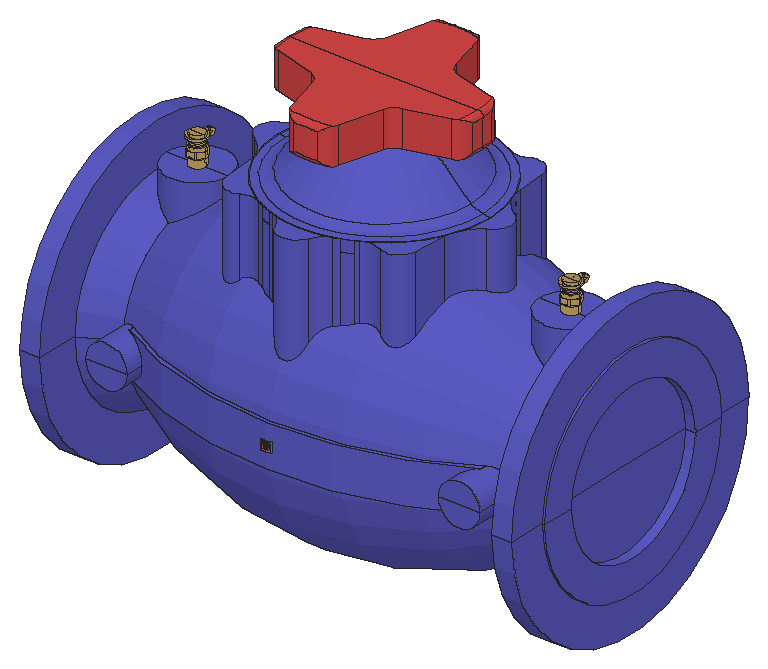
Revit family "HERZ Strömax Commissioning Valve With Test points, Straight Body 4218 GMF", category Rohrzubehör, Revit 2018
Family settings
  Bemaßung runder Anschluss = Durchmesser verwenden
  Teiletyp = Unterbricht
  OmniClass-Nummer = 23.65.55.14
  OmniClass-Titel = Valves for Liquid Services
  Arbeitsebenenbasiert = Nein
  Immer vertikal = Ja
  Beim Laden mit Abzugskörper schneiden = Nein
  Gemeinsam genutzt = Nein
Parameters
  kvs-value [instance] = if(Nennweite = 25.00 mm, 11.53, if(Nennweite = 32.00 mm, 16.6, if(Nennweite = 40.00 mm, 28.6, if(Nennweite = 50.00 mm, 37.84, if(Nennweite = 65.00 mm, 60.3, if(Nennweite = 80.00 mm, 67.8, if(Nennweite = 100.00 mm, 99.55, if(Nennweite = 125.00 mm, 186.58, if(Nennweite = 150.00 mm, 279.05, 0)))))))))  # 279.05
  W02 = 60.00°  # constant formula
  W01 [instance] = if(Nennweite = 25.00 mm, 10.00°, if(Nennweite = 32.00 mm, 10.00°, if(Nennweite = 40.00 mm, 15.00°, if(Nennweite = 50.00 mm, 10.00°, if(Nennweite = 65.00 mm, 25.00°, if(Nennweite = 80.00 mm, 25.00°, 0.80°))))))  # 0.80°
  Upper part (up to DN100) = "brass"  # constant formula
  Upper part (from DN125) = "grey cast iron"  # constant formula
  URL = "www.herzvalves.com"
  SCRNSEQ = "ARM;ARM_TYP=\"STRV\";2"
  SCRNCODE = "05;07;02"  # constant formula
  S01 [instance] = Nennweite + 10.00 mm  # 160.00 mm
  R02 [instance] = size_lookup("4218_GMF_", "R2", 1.00 mm, Nennweite)  # 30.00 mm
  R01 [instance] = size_lookup("4218_GMF_", "R1", 1.00 mm, Nennweite)  # 20.00 mm
  Part number [instance] = size_lookup("4218_GMF_", "Artnr", 0, Nennweite)  # 1421851
  O-Ring = "EPDM"  # constant formula
  Nennweite [instance] = 150.00 mm
  Model = "The STRÖMAX GMF commissioning valve with measuring valve, straight body DN 25 - 150:\r\nBody of grey cast iron GJL 250 according to EN 1561, flange according to EN 1092, PN 16;\r\nlength according to ÖNORM EN-558-1, basic series 1; painted blue.\r\nThermostatic upper part of brass to DN 100; from DN 125 thermstatic upper part of grey cast iron.\r\nDigital display of the pre-setting levels.\r\nNon-rising spindle with double O-ring seal."
  Medium = "Water purity in accordance with the ÖNORM H 5195 and VDI 2035 standards.\r\nEthylene and propylene glycol can be used in a ratio of 25-50 vol. [%] are mixed."
  Max. operating pressure = 1600000.0 Pa  # constant formula
  Max. operating temperature (up to DN32) = 130 °C  # constant formula
  Max. operating temperature (from DN40) = 110 °C  # constant formula
  L03 [instance] = size_lookup("4218_GMF_", "L3", 1.00 mm, Nennweite)  # 180.00 mm
  L02 [instance] = size_lookup("4218_GMF_", "L2", 1.00 mm, Nennweite)  # 170.00 mm
  L01 [instance] = size_lookup("4218_GMF_", "L1", 1.00 mm, Nennweite)  # 185.00 mm
  L00 [instance] = size_lookup("4218_GMF_", "L", 1.00 mm, Nennweite)  # 480.00 mm
  Hersteller = "HERZ Armaturen Ges.m.b.H."  # constant formula
  H08 [instance] = H02 + H04  # 238.50 mm
  H07 = 10.00 mm  # constant formula
  H06 [instance] = size_lookup("4218_GMF_", "H6", 1.00 mm, Nennweite)  # 56.00 mm
  H05 [instance] = size_lookup("4218_GMF_", "H5", 1.00 mm, Nennweite)  # 11.00 mm
  H04 [instance] = size_lookup("4218_GMF_", "H4", 1.00 mm, Nennweite)  # 78.50 mm
  H03 [instance] = size_lookup("4218_GMF_", "H3", 1.00 mm, Nennweite)  # 118.00 mm
  H02N [instance] = H02 + 11.00 mm  # 171.00 mm
  H02 [instance] = size_lookup("4218_GMF_", "H2", 1.00 mm, Nennweite)  # 160.00 mm
  H01 [instance] = size_lookup("4218_GMF_", "H1", 1.00 mm, Nennweite)  # 122.00 mm
  GT = 10.00 mm  # constant formula
  Field of application = "For hydraulic balancing in heating or cooling systems, regulating and shutting off distribution circuits, heat ex-changers, heating and cooling terminals."
  FLL02 [instance] = size_lookup("4218_GMF_", "FLL2", 1.00 mm, Nennweite)  # 19.00 mm
  FLL01 [instance] = size_lookup("4218_GMF_", "FLL1", 1.00 mm, Nennweite)  # 3.00 mm
  FLD03 [instance] = size_lookup("4218_GMF_", "FLD3", 1.00 mm, Nennweite)  # 84.20 mm
  FLD02 [instance] = size_lookup("4218_GMF_", "FLD2", 1.00 mm, Nennweite)  # 101.00 mm
  FLD01 [instance] = size_lookup("4218_GMF_", "FLD1", 1.00 mm, Nennweite)  # 106.00 mm
  FLD00 [instance] = size_lookup("4218_GMF_", "FLD", 1.00 mm, Nennweite)  # 142.50 mm
  Differential pressure measurement = "The STRÖMAX GMF double regulating and commissioning valve is equipped with two test points:\r\nIf a suitable measuring device is used, the differential pressure can be measured and the respective flow rate can be determined depending on the setting level.\r\nThe respective flow rate can also be read directly on the HERZ measuring computer (see device manual)."
  DN80 [instance] = Nennweite = 80.00 mm  # no
  DN65 [instance] = Nennweite = 65.00 mm  # no
  DN50-DN80 [instance] = or(Nennweite = 50.00 mm, Nennweite = 65.00 mm, Nennweite = 80.00 mm)  # no
  DN50 [instance] = Nennweite = 50.00 mm  # no
  DN40 [instance] = Nennweite = 40.00 mm  # no
  DN32 [instance] = Nennweite = 32.00 mm  # no
  DN25-DN40 [instance] = or(Nennweite = 25.00 mm, Nennweite = 32.00 mm, Nennweite = 40.00 mm)  # no
  DN25 [instance] = Nennweite = 25.00 mm  # no
  DN150 [instance] = Nennweite = 150.00 mm  # yes
  DN125 [instance] = Nennweite = 125.00 mm  # no
  DN100-DN125 [instance] = or(Nennweite = 100.00 mm, Nennweite = 125.00 mm, Nennweite = 150.00 mm)  # yes
  DN100 [instance] = Nennweite = 100.00 mm  # no
  D04 [instance] = size_lookup("4218_GMF_", "D4", 1.00 mm, Nennweite)  # 15.00 mm
  D03 [instance] = size_lookup("4218_GMF_", "D3", 1.00 mm, Nennweite)  # 16.00 mm
  D02 [instance] = size_lookup("4218_GMF_", "D2", 1.00 mm, Nennweite)  # 17.00 mm
  D01 [instance] = size_lookup("4218_GMF_", "D1", 1.00 mm, Nennweite)  # 102.50 mm
  D00 [instance] = size_lookup("4218_GMF_", "D", 1.00 mm, Nennweite)  # 140.00 mm
  Body = "grey cast iron GJL 250 according to EN 1561"  # constant formula
  BH02 [instance] = -BH01  # -20.00 mm
  BH01 [instance] = if(Nennweite = 25.00 mm, 12.00 mm, if(Nennweite = 32.00 mm, 12.50 mm, if(Nennweite = 40.00 mm, 12.50 mm, if(Nennweite = 50.00 mm, 12.50 mm, if(Nennweite = 65.00 mm, 15.00 mm, if(Nennweite = 80.00 mm, 16.00 mm, if(Nennweite = 100.00 mm, 17.50 mm, if(Nennweite = 125.00 mm, 17.50 mm, if(Nennweite = 150.00 mm, 20.00 mm, 1.00 mm)))))))))  # 20.00 mm
  Anschluss [instance] = Nennweite / 2  # 75.00 mm
Reference planes
  plane 1 "Mitte (Vorne/hinten)": y = 0
  plane 2: z = 0
  plane 3 "Mitte (Links/rechts)": x = 0
Forms (mm)
  Revolve 1, solid, material "Herz-Marineblau", detail levels fine
    sketch origin (1058.943, 0, 0) x (1, 0, 0) y (0, 1, 0)
      loop
        line (-1295.943, 142.5) -> (-1295.943, 106) -> (-1298.943, 106) -> (-1298.943, 75) -> (-1288.943, 75) -> (-1288.943, 0) -> (-828.943, 0) -> (-828.943, 75) -> (-818.943, 75) -> (-818.943, 106) -> (-821.943, 106) -> (-821.943, 142.5) -> (-840.943, 142.5) -> (-840.943, 101) -> (-873.943, 84.2)
        arc (-873.943, 84.2) -> (-1058.943, 140) -> (-1243.943, 84.2) r 334.576
        line (-1243.943, 84.2) -> (-1276.943, 101) -> (-1276.943, 142.5) -> (-1295.943, 142.5)
      axis (-1298.943, 0) -> (-818.943, 0)
    angle from 0 to 360
  Revolve 2, solid, material "Herz-Marineblau", detail levels fine
    sketch origin (0, 0, 0) x (1, 0, 0) y (0, 1, 0)
      loop
        line (-170, 122) -> (-190, 122) -> (-190, -122) -> (-170, -122) -> (-170, 122)
      axis (-170, 122) -> (-170, -122)
    angle from 0 to 360
  Revolve 3, solid, material "Herz-Marineblau", detail levels fine
    sketch origin (0, 0, 0) x (-1, 0, 0) y (0, 1, 0)
      loop
        line (-170, 122) -> (-190, 122) -> (-190, -122) -> (-170, -122) -> (-170, 122)
      axis (-170, 122) -> (-170, -122)
    angle from 0 to 360
  Revolve 4, solid, material "Herz-Marineblau", detail levels fine
    sketch origin (0, 0, 0) x (1, 0, 0) y (0, 0, 1)
      loop
        line (0, 0) -> (0, 160) -> (-102.5, 160) -> (-102.5, 0) -> (0, 0)
      axis (0, 160) -> (0, 0)
    angle from 0 to 360
  Revolve 5, solid, material "Herz-Marineblau", detail levels fine
    sketch origin (0, 0, 0) x (1, 0, 0) y (0, 0, 1)
      loop
        line (-178.413, 4.322) -> (-148.416, 4.741) -> (-150.003, 118.419) -> (-180, 118) -> (-178.413, 4.322)
      axis (-180, 118) -> (-178.413, 4.322)
    angle from 0 to 360
  Revolve 6, solid, material "Herz-Marineblau", detail levels fine
    sketch origin (0, 0, 0) x (-1, 0, 0) y (0, 0, 1)
      loop
        line (-178.413, 4.322) -> (-148.416, 4.741) -> (-150.003, 118.419) -> (-180, 118) -> (-178.413, 4.322)
      axis (-180, 118) -> (-178.413, 4.322)
    angle from 0 to 360
  Extrusion 7, solid, material "Herz-Marineblau", visible <- "DN25", detail levels fine
    sketch origin (0, 0, 0) x (1, 0, 0) y (0, 1, 0)
      loop
        line (-40, 18.232) -> (-40, -18.232)
        arc (-40, -18.232) -> (0, -31) -> (40, -18.232) r 69.038
        line (40, -18.232) -> (40, 18.232)
        arc (40, 18.232) -> (0, 31) -> (-40, 18.232) r 69.038
    from -20 <- "BH02" to 20 <- "BH01"
  Extrusion 8, solid, material "Herz-Marineblau", visible <- "DN32", detail levels fine
    sketch origin (0, 0, 0) x (1, 0, 0) y (0, 1, 0)
      loop
        line (-50, 21.35) -> (-50, -21.35)
        arc (-50, -21.35) -> (0, -37) -> (50, -21.35) r 87.698
        line (50, -21.35) -> (50, 21.35)
        arc (50, 21.35) -> (0, 37) -> (-50, 21.35) r 87.698
    from -20 <- "BH02" to 20 <- "BH01"
  Extrusion 9, solid, material "Herz-Marineblau", visible <- "DN40", detail levels fine
    sketch origin (0, 0, 0) x (1, 0, 0) y (0, 1, 0)
      loop
        arc (-60, -22.89) -> (0, -39) -> (60, -22.89) r 119.787
        line (60, -22.89) -> (60, 22.89)
        arc (60, 22.89) -> (0, 39) -> (-60, 22.89) r 119.787
        line (-60, 22.89) -> (-60, -22.89)
    from -20 <- "BH02" to 20 <- "BH01"
  Extrusion 10, solid, material "Herz-Marineblau", visible <- "DN50", detail levels fine
    sketch origin (0, 0, 0) x (1, 0, 0) y (0, 1, 0)
      loop
        line (70, -31.244) -> (70, 31.244)
        arc (70, 31.244) -> (0, 44) -> (-70, 31.244) r 198.442
        line (-70, 31.244) -> (-70, -31.244)
        arc (-70, -31.244) -> (0, -44) -> (70, -31.244) r 198.442
    from -20 <- "BH02" to 20 <- "BH01"
  Extrusion 11, solid, material "Herz-Marineblau", visible <- "DN65", detail levels fine
    sketch origin (0, 0, 0) x (1, 0, 0) y (0, 1, 0)
      loop
        line (-89, 42.065) -> (-89, -42.065)
        arc (-89, -42.065) -> (0, -53) -> (89, -42.065) r 367.662
        line (89, -42.065) -> (89, 42.065)
        arc (89, 42.065) -> (0, 53) -> (-89, 42.065) r 367.662
    from -20 <- "BH02" to 20 <- "BH01"
  Extrusion 12, solid, material "Herz-Marineblau", visible <- "DN80", detail levels fine
    sketch origin (0, 0, 0) x (1, 0, 0) y (0, 1, 0)
      loop
        arc (-100, -47.474) -> (0, -56.538) -> (100, -47.474) r 556.156
        line (100, -47.474) -> (100, 47.474)
        arc (100, 47.474) -> (0, 56.538) -> (-100, 47.474) r 556.156
        line (-100, 47.474) -> (-100, -47.474)
    from -20 <- "BH02" to 20 <- "BH01"
  Extrusion 13, solid, material "Herz-Marineblau", visible <- "DN100", detail levels fine
    sketch origin (0, 0, 0) x (1, 0, 0) y (0, 1, 0)
      loop
        line (-118, 61.457) -> (-118, -61.457)
        arc (-118, -61.457) -> (0, -84.506) -> (118, -61.457) r 313.571
        line (118, -61.457) -> (118, 61.457)
        arc (118, 61.457) -> (0, 84.506) -> (-118, 61.457) r 313.571
    from -20 <- "BH02" to 20 <- "BH01"
  Extrusion 14, solid, material "Herz-Marineblau", visible <- "DN125", detail levels fine
    sketch origin (0, 0, 0) x (1, 0, 0) y (0, 1, 0)
      loop
        line (-140, 76.087) -> (-140, -76.087)
        arc (-140, -76.087) -> (0, -121.009) -> (140, -76.087) r 240.621
        line (140, -76.087) -> (140, 76.087)
        arc (140, 76.087) -> (0, 121.009) -> (-140, 76.087) r 240.621
    from -20 <- "BH02" to 20 <- "BH01"
  Extrusion 15, solid, material "Herz-Marineblau", visible <- "DN150", detail levels fine
    sketch origin (0, 0, 0) x (1, 0, 0) y (0, 1, 0)
      loop
        arc (-170, -95.905) -> (0, -141.967) -> (170, -95.905) r 336.739
        line (170, -95.905) -> (170, 95.905)
        arc (170, 95.905) -> (0, 141.967) -> (-170, 95.905) r 336.739
        line (-170, 95.905) -> (-170, -95.905)
    from -20 <- "BH02" to 20 <- "BH01"
  Extrusion 16, solid, material "Herz-Marineblau", visible <- "DN125", detail levels fine
    sketch origin (0, 0, 0) x (1, 0, 0) y (0, 1, 0)
      loop
        arc (15.676, 98.149) -> (0, 109.5) -> (-15.676, 98.149) r 16.5
        arc (-15.676, 98.149) -> (-20.502, 90.282) -> (-28.346, 85.419) r 20
        arc (-28.346, 85.419) -> (-34.369, 83.168) -> (-40.215, 80.492) r 90
        arc (-40.215, 80.492) -> (-49.468, 78.32) -> (-58.678, 80.663) r 20
        arc (-58.678, 80.663) -> (-75.166, 79.318) -> (-82.2, 64.344) r 16.5
        line (-82.2, 64.344) -> (-85.23, 28.819)
        arc (-85.23, 28.819) -> (-90.21, 20.539) -> (-98.49, 15.56) r 20
        arc (-98.49, 15.56) -> (-109.5, 0) -> (-98.49, -15.56) r 16.5
        arc (-98.49, -15.56) -> (-90.21, -20.539) -> (-85.23, -28.819) r 20
        line (-85.23, -28.819) -> (-82.2, -64.344)
        arc (-82.2, -64.344) -> (-75.166, -79.318) -> (-58.678, -80.663) r 16.5
        arc (-58.678, -80.663) -> (-49.468, -78.32) -> (-40.215, -80.492) r 20
        arc (-40.215, -80.492) -> (-34.369, -83.168) -> (-28.346, -85.419) r 90
        arc (-28.346, -85.419) -> (-20.502, -90.282) -> (-15.676, -98.149) r 20
        arc (-15.676, -98.149) -> (0, -109.5) -> (15.676, -98.149) r 16.5
        arc (15.676, -98.149) -> (20.502, -90.282) -> (28.346, -85.419) r 20
        arc (28.346, -85.419) -> (34.369, -83.168) -> (40.215, -80.492) r 90
        arc (40.215, -80.492) -> (49.468, -78.32) -> (58.678, -80.663) r 20
        arc (58.678, -80.663) -> (75.166, -79.318) -> (82.2, -64.344) r 16.5
        line (82.2, -64.344) -> (85.23, -28.819)
        arc (85.23, -28.819) -> (90.21, -20.539) -> (98.49, -15.56) r 20
        arc (98.49, -15.56) -> (109.5, 0) -> (98.49, 15.56) r 16.5
        arc (98.49, 15.56) -> (90.21, 20.539) -> (85.23, 28.819) r 20
        line (85.23, 28.819) -> (82.2, 64.344)
        arc (82.2, 64.344) -> (75.166, 79.318) -> (58.678, 80.663) r 16.5
        arc (58.678, 80.663) -> (49.468, 78.32) -> (40.215, 80.492) r 20
        arc (40.215, 80.492) -> (34.369, 83.168) -> (28.346, 85.419) r 90
        arc (28.346, 85.419) -> (20.502, 90.282) -> (15.676, 98.149) r 20
    from 0 to 171 <- "H02N"
  Extrusion 17, solid, material "Herz-Marineblau", visible <- "DN150", detail levels fine
    sketch origin (0, 0, 0) x (1, 0, 0) y (0, 1, 0)
      loop
        arc (16.1, 110.958) -> (0, 122.5) -> (-16.1, 110.958) r 17
        arc (-16.1, 110.958) -> (-21.16, 102.981) -> (-29.318, 98.218) r 19.995
        arc (-29.318, 98.218) -> (-39.225, 94.698) -> (-48.72, 90.181) r 102.5
        arc (-48.72, 90.181) -> (-57.856, 87.781) -> (-67.075, 89.844) r 19.995
        arc (-67.075, 89.844) -> (-82.996, 89.381) -> (-91.547, 75.943) r 17
        line (-91.547, 75.943) -> (-94.4, 39.936)
        arc (-94.4, 39.936) -> (-101.42, 25.402) -> (-113.679, 14.903) r 39.4
        arc (-113.679, 14.903) -> (-122.5, 0) -> (-113.679, -14.903) r 17
        arc (-113.679, -14.903) -> (-101.42, -25.402) -> (-94.4, -39.936) r 39.4
        line (-94.4, -39.936) -> (-91.547, -75.943)
        arc (-91.547, -75.943) -> (-82.996, -89.381) -> (-67.075, -89.844) r 17
        arc (-67.075, -89.844) -> (-57.856, -87.781) -> (-48.72, -90.181) r 19.995
        arc (-48.72, -90.181) -> (-39.225, -94.698) -> (-29.318, -98.218) r 102.5
        arc (-29.318, -98.218) -> (-21.16, -102.981) -> (-16.1, -110.958) r 19.995
        arc (-16.1, -110.958) -> (0, -122.5) -> (16.1, -110.958) r 17
        arc (16.1, -110.958) -> (21.16, -102.981) -> (29.318, -98.218) r 19.995
        arc (29.318, -98.218) -> (39.225, -94.698) -> (48.72, -90.181) r 102.5
        arc (48.72, -90.181) -> (57.856, -87.781) -> (67.075, -89.844) r 19.995
        arc (67.075, -89.844) -> (82.996, -89.381) -> (91.547, -75.943) r 17
        line (91.547, -75.943) -> (93.96, -45.484)
        arc (93.96, -45.484) -> (99.132, -28.867) -> (110.958, -16.1) r 39.4
        arc (110.958, -16.1) -> (122.5, 0) -> (110.958, 16.1) r 17
        arc (110.958, 16.1) -> (99.132, 28.867) -> (93.96, 45.484) r 39.4
        line (93.96, 45.484) -> (91.547, 75.943)
        arc (91.547, 75.943) -> (82.996, 89.381) -> (67.075, 89.844) r 17
        arc (67.075, 89.844) -> (57.856, 87.781) -> (48.72, 90.181) r 19.995
        arc (48.72, 90.181) -> (39.225, 94.698) -> (29.318, 98.218) r 102.5
        arc (29.318, 98.218) -> (21.16, 102.981) -> (16.1, 110.958) r 19.995
    from 0 to 171 <- "H02N"
  Revolve 18, solid, material "Herz-Marineblau", detail levels fine
    sketch origin (0, 0, 0) x (1, 0, 0) y (0, 0, 1)
      loop
        line (0, 160) -> (0, 238.5) -> (-15, 238.5) -> (-15, 228.5) -> (-16, 228.5) -> (-16, 227) -> (-17, 227) -> (-17, 171) -> (-102.5, 171) -> (-102.5, 160) -> (0, 160)
      axis (0, 238.5) -> (0, 160)
    angle from 0 to 360
  Revolve 19, solid, material "Herz-Marineblau", visible <- "DN125", detail levels fine
    sketch origin (0, 0, 143) x (1, 0, 0) y (0, 0, 1)
      loop
        line (0, 0) -> (0, 62) -> (-15, 62) -> (-15, 52) -> (-21.8, 52)
        arc (-21.8, 52) -> (-23.44, 48.297) -> (-27.284, 47.023) r 5
        arc (-27.284, 47.023) -> (-30.294, 46.63) -> (-32.827, 44.959) r 6.752
        arc (-32.827, 44.959) -> (-52.854, 27.042) -> (-71.197, 7.406) r 300
        arc (-71.197, 7.406) -> (-77.249, 2.612) -> (-84.666, 0.467) r 20
        line (-84.666, 0.467) -> (-90, 0) -> (0, 0)
      axis (0, 62) -> (0, 0)
    angle from 0 to 360
  Revolve 20, solid, material "Herz-Marineblau", visible <- "DN150", detail levels fine
    sketch origin (0, 0, 171) x (1, 0, 0) y (0, 0, 1)
      loop
        line (0, 67.5) -> (-15, 67.5) -> (-15, 57.5) -> (-21.8, 57.5)
        arc (-21.8, 57.5) -> (-23.44, 53.797) -> (-27.284, 52.523) r 5
        arc (-27.284, 52.523) -> (-29.026, 52.21) -> (-30.549, 51.31) r 5
        arc (-30.549, 51.31) -> (-58.499, 29.932) -> (-83.754, 5.428) r 300
        arc (-83.754, 5.428) -> (-89.037, 2.148) -> (-95.072, 0.65) r 20
        line (-95.072, 0.65) -> (-102.5, 0) -> (0, 0) -> (0, 67.5)
      axis (0, 67.5) -> (0, 0)
    angle from 0 to 360
Lines and regions (mm)
  model lines, detail levels coarse+medium
    curve 1: line (-240, 0, 142.5) -> (-240, 0, -142.5)
    curve 2: line (-240, 0, -142.5) -> (240, 0, 142.5)
    curve 3: line (240, 0, 142.5) -> (240, 0, -142.5)
    curve 4: line (240, 0, -142.5) -> (-240, 0, 142.5)
    curve 5: line (0, 0, 0) -> (137.698, 0, 238.5)
    curve 6: line (68.416, 0, 278.5) -> (206.98, 0, 198.5)
    curve 7: line (-240, 142.5, 0) -> (-240, -142.5, 0)
    curve 8: line (-240, -142.5, 0) -> (240, 142.5, 0)
    curve 9: line (240, 142.5, 0) -> (240, -142.5, 0)
    curve 10: line (240, -142.5, 0) -> (-240, 142.5, 0)
    curve 11: line (0, 0, 0) -> (137.698, 238.5, 0)
    curve 12: line (68.416, 278.5, 0) -> (206.98, 198.5, 0)
Dimensions and locks
  "FLD00": plane 1 "Mitte (Vorne/hinten)" to Revolve 1 sketch curve
  "FLD01": plane 1 "Mitte (Vorne/hinten)" to Revolve 1 sketch curve
  "FLD02": plane 1 "Mitte (Vorne/hinten)" to Revolve 1 sketch curve  (x2)
  "FLD03": plane 1 "Mitte (Vorne/hinten)" to Revolve 1 sketch curve  (x2)
  "GT": Revolve 1 sketch curve to Revolve 1 sketch curve  (x2)
  "FLL01": Revolve 1 sketch curve to Revolve 1 sketch curve  (x2)
  "FLL02": Revolve 1 sketch curve to Revolve 1 sketch curve  (x2)
  equal spacing: Revolve 1 sketch curve, plane 3 "Mitte (Links/rechts)", Revolve 1 sketch curve
  "Anschluss": Revolve 1 sketch curve to plane 1 "Mitte (Vorne/hinten)"
  "Anschluss": plane 1 "Mitte (Vorne/hinten)" to Revolve 1 sketch curve
  "FLD01": Revolve 1 sketch curve to plane 1 "Mitte (Vorne/hinten)"
  "FLD00": Revolve 1 sketch curve to plane 1 "Mitte (Vorne/hinten)"
  "L00": Revolve 1 sketch curve to Revolve 1 sketch curve
  "D00": plane 1 "Mitte (Vorne/hinten)" to Revolve 1 sketch curve
  "L01": Revolve 1 sketch curve to plane 3 "Mitte (Links/rechts)" to Revolve 1 sketch curve
  "L02": Revolve 2 sketch curve to plane 3 "Mitte (Links/rechts)"
  "R01": Revolve 2 sketch curve to Revolve 2 sketch curve
  "H01": Revolve 2 sketch curve to plane 1 "Mitte (Vorne/hinten)" to Revolve 2 sketch curve
  "L02": plane 3 "Mitte (Links/rechts)" to Revolve 3 sketch curve
  "R01": Revolve 3 sketch curve to Revolve 3 sketch curve
  "H01": Revolve 3 sketch curve to plane 1 "Mitte (Vorne/hinten)" to Revolve 3 sketch curve
  "D01": plane 3 "Mitte (Links/rechts)" to Revolve 4 sketch curve
  "H02": Revolve 4 sketch curve to plane 2
  "H03": Revolve 5 sketch curve to plane 2  (x2)
  "R02": Revolve 5 sketch curve to Revolve 5 sketch curve
  "L03": plane 3 "Mitte (Links/rechts)" to Revolve 5 sketch curve  (x2)
  "R02": Revolve 6 sketch curve to Revolve 6 sketch curve
  "L03": Revolve 6 sketch curve to plane 3 "Mitte (Links/rechts)"  (x2)
  "H03": Revolve 6 sketch curve to plane 2  (x2)
  "D01": plane 3 "Mitte (Links/rechts)" to Revolve 18 sketch curve
  "D02": plane 3 "Mitte (Links/rechts)" to Revolve 18 sketch curve
  "D03": plane 3 "Mitte (Links/rechts)" to Revolve 18 sketch curve
  "D04": plane 3 "Mitte (Links/rechts)" to Revolve 18 sketch curve
  "H02": Revolve 18 sketch curve to plane 2
  "H04": Revolve 18 sketch curve to Revolve 18 sketch curve
  "H05": Revolve 18 sketch curve to Revolve 18 sketch curve
  "H06": Revolve 18 sketch curve to Revolve 18 sketch curve
  "H07": Revolve 18 sketch curve to Revolve 18 sketch curve
  "H08": nested 28 to plane 2
  "H08": nested 29 to plane 2
  "H08": nested 30 to plane 2
  "FLD00": curve 4 to plane 2 to curve 2
  "FLD00": curve 3 to plane 2 to curve 4
  equal spacing: curve 1, plane 3 "Mitte (Links/rechts)", curve 3
  "L00": curve 1 to curve 3
  equal spacing: curve 1, curve 5, curve 3
  "H08": curve 5 to plane 2
  equal spacing: curve 6, curve 5, curve 6
  "S01": curve 6 to curve 6
  "FLD00": curve 8 to plane 1 "Mitte (Vorne/hinten)" to curve 10
  "FLD00": curve 10 to plane 1 "Mitte (Vorne/hinten)" to curve 9
  equal spacing: curve 7, plane 3 "Mitte (Links/rechts)", curve 9
  "L00": curve 7 to curve 9
  equal spacing: curve 7, curve 11, curve 9
  "H08": plane 1 "Mitte (Vorne/hinten)" to curve 11
  equal spacing: curve 12, curve 11, curve 12
  "S01": curve 12 to curve 12
  "W01": angle plane 3 "Mitte (Links/rechts)" to Revolve 5 sketch curve  (x2)
  "W01": angle Revolve 6 sketch curve to plane 3 "Mitte (Links/rechts)"  (x2)
  "W02": angle plane 2 to curve 5
  "W02": angle plane 1 "Mitte (Vorne/hinten)" to curve 11
  aligned and locked: level to plane 2
Automatic sketch dimensions
  Extrusion 7 sketch curve to plane 3 "Mitte (Links/rechts)" = 0.00 mm  (x2)
  Extrusion 7 sketch curve to plane 1 "Mitte (Vorne/hinten)" = 18.232 mm  (x2)
  Extrusion 7 sketch curve to plane 3 "Mitte (Links/rechts)" = 40.00 mm
  plane 1 "Mitte (Vorne/hinten)" to Extrusion 7 sketch curve = 18.232 mm
  plane 1 "Mitte (Vorne/hinten)" to Extrusion 7 sketch curve = 38.038 mm
  Extrusion 7 sketch curve to plane 1 "Mitte (Vorne/hinten)" = 38.038 mm
  Extrusion 8 sketch curve to plane 3 "Mitte (Links/rechts)" = 0.00 mm  (x2)
  plane 1 "Mitte (Vorne/hinten)" to Extrusion 8 sketch curve = 21.35 mm  (x2)
  Extrusion 8 sketch curve to plane 3 "Mitte (Links/rechts)" = 50.00 mm
  plane 1 "Mitte (Vorne/hinten)" to Extrusion 8 sketch curve = 50.698 mm
  Extrusion 8 sketch curve to plane 1 "Mitte (Vorne/hinten)" = 21.35 mm
  Extrusion 8 sketch curve to plane 1 "Mitte (Vorne/hinten)" = 50.698 mm
  Extrusion 9 sketch curve to plane 3 "Mitte (Links/rechts)" = 0.00 mm  (x2)
  Extrusion 9 sketch curve to plane 1 "Mitte (Vorne/hinten)" = 22.89 mm  (x2)
  Extrusion 9 sketch curve to plane 3 "Mitte (Links/rechts)" = 60.00 mm
  plane 1 "Mitte (Vorne/hinten)" to Extrusion 9 sketch curve = 22.89 mm
  plane 1 "Mitte (Vorne/hinten)" to Extrusion 9 sketch curve = 80.787 mm
  Extrusion 9 sketch curve to plane 1 "Mitte (Vorne/hinten)" = 80.787 mm
  Extrusion 10 sketch curve to plane 3 "Mitte (Links/rechts)" = 0.00 mm  (x2)
  plane 1 "Mitte (Vorne/hinten)" to Extrusion 10 sketch curve = 31.244 mm  (x2)
  Extrusion 10 sketch curve to plane 3 "Mitte (Links/rechts)" = 70.00 mm
  Extrusion 10 sketch curve to Extrusion 10 sketch curve = 123.198 mm  (x2)
  Extrusion 10 sketch curve to plane 1 "Mitte (Vorne/hinten)" = 31.244 mm
  Extrusion 11 sketch curve to plane 3 "Mitte (Links/rechts)" = 0.00 mm  (x2)
  plane 1 "Mitte (Vorne/hinten)" to Extrusion 11 sketch curve = 42.065 mm  (x2)
  Extrusion 11 sketch curve to plane 3 "Mitte (Links/rechts)" = 89.00 mm
  Extrusion 11 sketch curve to Extrusion 11 sketch curve = 272.597 mm  (x2)
  Extrusion 11 sketch curve to plane 1 "Mitte (Vorne/hinten)" = 42.065 mm
  Extrusion 12 sketch curve to plane 3 "Mitte (Links/rechts)" = 0.00 mm  (x2)
  Extrusion 12 sketch curve to plane 1 "Mitte (Vorne/hinten)" = 47.474 mm
  Extrusion 12 sketch curve to plane 3 "Mitte (Links/rechts)" = 100.00 mm
  plane 1 "Mitte (Vorne/hinten)" to Extrusion 12 sketch curve = 47.474 mm
  plane 3 "Mitte (Links/rechts)" to Extrusion 12 sketch curve = 100.00 mm
  Extrusion 12 sketch curve to Extrusion 12 sketch curve = 452.143 mm  (x2)
  Extrusion 13 sketch curve to plane 3 "Mitte (Links/rechts)" = 0.00 mm  (x2)
  plane 1 "Mitte (Vorne/hinten)" to Extrusion 13 sketch curve = 61.457 mm  (x2)
  Extrusion 13 sketch curve to plane 3 "Mitte (Links/rechts)" = 118.00 mm
  Extrusion 13 sketch curve to Extrusion 13 sketch curve = 167.608 mm  (x2)
  Extrusion 13 sketch curve to plane 1 "Mitte (Vorne/hinten)" = 61.457 mm
  Extrusion 14 sketch curve to plane 3 "Mitte (Links/rechts)" = 0.00 mm  (x2)
  plane 1 "Mitte (Vorne/hinten)" to Extrusion 14 sketch curve = 76.087 mm  (x2)
  Extrusion 14 sketch curve to plane 3 "Mitte (Links/rechts)" = 140.00 mm
  plane 1 "Mitte (Vorne/hinten)" to Extrusion 14 sketch curve = 119.612 mm
  Extrusion 14 sketch curve to plane 1 "Mitte (Vorne/hinten)" = 76.087 mm
  Extrusion 14 sketch curve to plane 1 "Mitte (Vorne/hinten)" = 119.612 mm
  Extrusion 15 sketch curve to plane 3 "Mitte (Links/rechts)" = 0.00 mm  (x2)
  Extrusion 15 sketch curve to plane 1 "Mitte (Vorne/hinten)" = 95.905 mm  (x2)
  Extrusion 15 sketch curve to plane 3 "Mitte (Links/rechts)" = 170.00 mm
  plane 1 "Mitte (Vorne/hinten)" to Extrusion 15 sketch curve = 95.905 mm
  plane 1 "Mitte (Vorne/hinten)" to Extrusion 15 sketch curve = 194.771 mm
  Extrusion 15 sketch curve to plane 1 "Mitte (Vorne/hinten)" = 194.771 mm
  plane 1 "Mitte (Vorne/hinten)" to Extrusion 16 sketch curve = 0.00 mm  (x2)
  Extrusion 16 sketch curve to plane 3 "Mitte (Links/rechts)" = 0.00 mm  (x2)
  plane 1 "Mitte (Vorne/hinten)" to Extrusion 16 sketch curve = 0.047 mm  (x2)
  Extrusion 16 sketch curve to plane 3 "Mitte (Links/rechts)" = 0.141 mm
  Extrusion 16 sketch curve to plane 1 "Mitte (Vorne/hinten)" = 0.047 mm  (x2)
  Extrusion 16 sketch curve to Extrusion 16 sketch curve = 0.00 mm  (x10)
  Extrusion 16 sketch curve to plane 3 "Mitte (Links/rechts)" = 34.677 mm  (x2)
  Extrusion 16 sketch curve to Extrusion 16 sketch curve = 14.605 mm  (x4)
  Extrusion 16 sketch curve to Extrusion 16 sketch curve = 16.479 mm  (x4)
  Extrusion 16 sketch curve to Extrusion 16 sketch curve = 16.439 mm  (x4)
  Extrusion 16 sketch curve to Extrusion 16 sketch curve = 3.03 mm  (x4)
  plane 1 "Mitte (Vorne/hinten)" to Extrusion 16 sketch curve = 28.819 mm  (x2)
  Extrusion 16 sketch curve to Extrusion 16 sketch curve = 7.77 mm  (x2)
  Extrusion 16 sketch curve to Extrusion 16 sketch curve = 19.122 mm  (x4)
  plane 3 "Mitte (Links/rechts)" to Extrusion 16 sketch curve = 0.141 mm
  plane 3 "Mitte (Links/rechts)" to Extrusion 16 sketch curve = 34.677 mm  (x2)
  Extrusion 16 sketch curve to Extrusion 16 sketch curve = 5.862 mm  (x4)
  Extrusion 16 sketch curve to Extrusion 16 sketch curve = 35.525 mm  (x4)
  Extrusion 16 sketch curve to Extrusion 16 sketch curve = 1.417 mm  (x4)
  Extrusion 16 sketch curve to Extrusion 16 sketch curve = 27.239 mm  (x2)
  Extrusion 16 sketch curve to Extrusion 16 sketch curve = 32.558 mm  (x4)
  Extrusion 16 sketch curve to Extrusion 16 sketch curve = 6.072 mm  (x4)
  Extrusion 16 sketch curve to plane 1 "Mitte (Vorne/hinten)" = 28.819 mm  (x2)
  Extrusion 16 sketch curve to plane 3 "Mitte (Links/rechts)" = 15.676 mm  (x2)
  Extrusion 16 sketch curve to Extrusion 16 sketch curve = 11.869 mm  (x4)
  Extrusion 16 sketch curve to plane 1 "Mitte (Vorne/hinten)" = 15.56 mm
  plane 1 "Mitte (Vorne/hinten)" to Extrusion 16 sketch curve = 15.56 mm
  Extrusion 17 sketch curve to Extrusion 17 sketch curve = 0.00 mm  (x25)
  plane 1 "Mitte (Vorne/hinten)" to Extrusion 17 sketch curve = 0.00 mm  (x3)
  Extrusion 17 sketch curve to plane 3 "Mitte (Links/rechts)" = 0.00 mm  (x3)
  Extrusion 17 sketch curve to plane 3 "Mitte (Links/rechts)" = 35.037 mm  (x2)
  Extrusion 17 sketch curve to Extrusion 17 sketch curve = 23.187 mm  (x4)
  Extrusion 17 sketch curve to Extrusion 17 sketch curve = 16.376 mm  (x4)
  Extrusion 17 sketch curve to Extrusion 17 sketch curve = 16.947 mm  (x4)
  Extrusion 17 sketch curve to plane 1 "Mitte (Vorne/hinten)" = 39.936 mm
  Extrusion 17 sketch curve to Extrusion 17 sketch curve = 2.853 mm  (x2)
  plane 1 "Mitte (Vorne/hinten)" to Extrusion 17 sketch curve = 39.936 mm
  Extrusion 17 sketch curve to Extrusion 17 sketch curve = 11.10 mm
  Extrusion 17 sketch curve to Extrusion 17 sketch curve = 38.236 mm  (x2)
  plane 3 "Mitte (Links/rechts)" to Extrusion 17 sketch curve = 35.037 mm  (x2)
  plane 1 "Mitte (Vorne/hinten)" to Extrusion 17 sketch curve = 45.484 mm
  Extrusion 17 sketch curve to Extrusion 17 sketch curve = 2.414 mm  (x2)
  Extrusion 17 sketch curve to plane 1 "Mitte (Vorne/hinten)" = 45.484 mm
  Extrusion 17 sketch curve to Extrusion 17 sketch curve = 11.54 mm
  Extrusion 17 sketch curve to Extrusion 17 sketch curve = 39.277 mm  (x2)
  Extrusion 17 sketch curve to Extrusion 17 sketch curve = 3.113 mm  (x2)
  Extrusion 17 sketch curve to Extrusion 17 sketch curve = 9.507 mm  (x2)
  Extrusion 17 sketch curve to Extrusion 17 sketch curve = 29.116 mm  (x2)
  Extrusion 17 sketch curve to Extrusion 17 sketch curve = 34.664 mm  (x2)
  Extrusion 17 sketch curve to Extrusion 17 sketch curve = 1.343 mm  (x4)
  Extrusion 17 sketch curve to Extrusion 17 sketch curve = 30.90 mm  (x2)
  Extrusion 17 sketch curve to Extrusion 17 sketch curve = 33.174 mm  (x4)
  Extrusion 17 sketch curve to Extrusion 17 sketch curve = 9.604 mm  (x4)
  Extrusion 17 sketch curve to plane 3 "Mitte (Links/rechts)" = 16.10 mm  (x2)
  plane 1 "Mitte (Vorne/hinten)" to Extrusion 17 sketch curve = 16.10 mm
  Revolve 19 sketch curve to plane 3 "Mitte (Links/rechts)" = 0.00 mm  (x2)
  Revolve 19 sketch curve to Revolve 19 sketch curve = 15.00 mm
  Revolve 19 sketch curve to Revolve 19 sketch curve = 6.80 mm
  Revolve 19 sketch curve to Revolve 19 sketch curve = 5.00 mm
  Revolve 19 sketch curve to Revolve 19 sketch curve = 1.137 mm
  Revolve 19 sketch curve to Revolve 19 sketch curve = 56.729 mm
  Revolve 19 sketch curve to Revolve 19 sketch curve = 1.743 mm
  Revolve 19 sketch curve to Revolve 19 sketch curve = 5.334 mm
  Revolve 19 sketch curve to level = 44.36 mm
  plane 3 "Mitte (Links/rechts)" to Revolve 19 sketch curve = 156.983 mm
  level to Revolve 19 sketch curve = 143.00 mm
  Revolve 19 sketch curve to Revolve 19 sketch curve = 0.467 mm
  Revolve 19 sketch curve to Revolve 19 sketch curve = 19.924 mm
  Revolve 19 sketch curve to Revolve 19 sketch curve = 40.303 mm
  Revolve 19 sketch curve to Revolve 19 sketch curve = 11.697 mm
  Revolve 19 sketch curve to Revolve 19 sketch curve = 10.00 mm
  Revolve 19 sketch curve to Revolve 19 sketch curve = 0.00 mm
  Revolve 19 sketch curve to Revolve 19 sketch curve = 5.544 mm
  Revolve 19 sketch curve to level = 223.045 mm
  Revolve 19 sketch curve to Revolve 19 sketch curve = 2152.315 mm
  level to Revolve 20 sketch curve = 171.00 mm
  Revolve 20 sketch curve to plane 3 "Mitte (Links/rechts)" = 0.00 mm  (x2)
  Revolve 20 sketch curve to plane 3 "Mitte (Links/rechts)" = 15.00 mm
  Revolve 20 sketch curve to Revolve 20 sketch curve = 6.80 mm
  Revolve 20 sketch curve to Revolve 20 sketch curve = 5.00 mm
  Revolve 20 sketch curve to Revolve 20 sketch curve = 0.484 mm
  level to Revolve 20 sketch curve = 171.65 mm
  Revolve 20 sketch curve to Revolve 20 sketch curve = 67.788 mm
  Revolve 20 sketch curve to Revolve 20 sketch curve = 1.743 mm
  Revolve 20 sketch curve to Revolve 20 sketch curve = 7.428 mm
  plane 3 "Mitte (Links/rechts)" to Revolve 20 sketch curve = 137.422 mm
  Revolve 20 sketch curve to level = 26.257 mm
  Revolve 20 sketch curve to Revolve 20 sketch curve = 19.924 mm
  level to Revolve 20 sketch curve = 218.523 mm
  Revolve 20 sketch curve to Revolve 20 sketch curve = 9.977 mm
  Revolve 20 sketch curve to Revolve 20 sketch curve = 10.00 mm
  Revolve 20 sketch curve to Revolve 20 sketch curve = 3.265 mm
  Revolve 20 sketch curve to Revolve 20 sketch curve = 168.787 mm
  Revolve 20 sketch curve to Revolve 20 sketch curve = 2146.815 mm
  plane 1 "Mitte (Vorne/hinten)" to Revolve 1 sketch curve = 0.00 mm  (x2)
  Revolve 1 sketch curve to Revolve 1 sketch curve = 35.00 mm
  Revolve 1 sketch curve to Revolve 1 sketch curve = 40.00 mm
  Revolve 2 sketch curve to Revolve 2 sketch curve = 0.00 mm  (x3)
  Revolve 3 sketch curve to Revolve 3 sketch curve = 0.00 mm  (x3)
  Revolve 4 sketch curve to level = 0.00 mm
  Revolve 4 sketch curve to plane 3 "Mitte (Links/rechts)" = 0.00 mm  (x2)
  Revolve 4 sketch curve to Revolve 4 sketch curve = 366.045 mm
  Revolve 4 sketch curve to Revolve 4 sketch curve = 2169.315 mm
  level to Revolve 5 sketch curve = 4.322 mm
  Revolve 6 sketch curve to level = 4.322 mm
  Revolve 18 sketch curve to plane 3 "Mitte (Links/rechts)" = 0.00 mm  (x2)
  Revolve 18 sketch curve to level = 366.045 mm
  Revolve 18 sketch curve to Revolve 18 sketch curve = 2130.015 mm
Nested families
  nested 1: "Herz-Logo-vorne" at (0, -31, 0) x (0, 1, 0) z (0, 0, 1), visible <- "DN25", type "Herz-Logo-vorne", detail levels fine
  nested 2: "Herz-Logo-vorne" at (0, -36.982, 0) x (0, 1, 0) z (0, 0, 1), visible <- "DN32", type "Herz-Logo-vorne", detail levels fine
  nested 3: "Herz-Logo-vorne" at (0, -39, 0) x (0, 1, 0) z (0, 0, 1), visible <- "DN40", type "Herz-Logo-vorne", detail levels fine
  nested 4: "Herz-Logo-vorne" at (0, -44, 0) x (0, 1, 0) z (0, 0, 1), visible <- "DN50", type "Herz-Logo-vorne", detail levels fine
  nested 5: "Herz-Logo-vorne" at (0, -52.982, 0) x (0, 1, 0) z (0, 0, 1), visible <- "DN65", type "Herz-Logo-vorne", detail levels fine
  nested 6: "Herz-Logo-vorne" at (0, -56.521, 0) x (0, 1, 0) z (0, 0, 1), visible <- "DN80", type "Herz-Logo-vorne", detail levels fine
  nested 7: "Herz-Logo-vorne" at (0, -84.489, 0) x (0, 1, 0) z (0, 0, 1), visible <- "DN100", type "Herz-Logo-vorne", detail levels fine
  nested 8: "Herz-Logo-vorne" at (0, -120.991, 0) x (0, 1, 0) z (0, 0, 1), visible <- "DN125", type "Herz-Logo-vorne", detail levels fine
  nested 9: "Herz-Logo-vorne" at (0, -141.95, 0) x (0, 1, 0) z (0, 0, 1), visible <- "DN150", type "Herz-Logo-vorne", detail levels fine
  nested 10: "Messstutzen_Band_Austritt_senkrecht_(oben 10)" at (40.437, 0, 23.137), visible <- "DN25", type "Messstutzen_Band_Austritt_senkrecht_(oben 10)"
    with Schutzkappe yes, Nennweite 0.00 mm, Gewicht 0.00 kg, Bestellnummer 0
  nested 11: "Messstutzen_Band_Austritt_senkrecht_(oben 10)" at (46.437, 0, 23.137), visible <- "DN32", type "Messstutzen_Band_Austritt_senkrecht_(oben 10)"
    with Schutzkappe yes, Nennweite 0.00 mm, Gewicht 0.00 kg, Bestellnummer 0
  nested 12: "Messstutzen_Band_Austritt_senkrecht_(oben 15)" at (49.671, 0, 29.307), visible <- "DN40", type "Messstutzen_Band_Austritt_senkrecht_(oben 15)"
    with Schutzkappe yes, Nennweite 0.00 mm, Gewicht 0.00 kg, Bestellnummer 0
  nested 13: "Messstutzen_Band_Austritt_senkrecht_(oben 10)" at (63.437, 0, 39.137), visible <- "DN50", type "Messstutzen_Band_Austritt_senkrecht_(oben 10)"
    with Schutzkappe yes, Nennweite 0.00 mm, Gewicht 0.00 kg, Bestellnummer 0
  nested 14: "Messstutzen_Band_Austritt_senkrecht_(oben 25)" at (73.196, 0, 51.843), visible <- "DN65", type "Messstutzen_Band_Austritt_senkrecht_(oben 25)"
    with Schutzkappe yes, Nennweite 0.00 mm, Gewicht 0.00 kg, Bestellnummer 0
  nested 15: "Messstutzen_Band_Austritt_senkrecht_(oben 25)" at (81.196, 0, 56.843), visible <- "DN80", type "Messstutzen_Band_Austritt_senkrecht_(oben 25)"
    with Schutzkappe yes, Nennweite 0.00 mm, Gewicht 0.00 kg, Bestellnummer 0
  nested 16: "Messstutzen_Band_Austritt_senkrecht_(oben 0.8)" at (124.874, 0, 67.001), visible <- "DN100", type "Messstutzen_Band_Austritt_senkrecht_(oben 0.8)"
    with Schutzkappe yes, Nennweite 0.00 mm, Gewicht 0.00 kg, Bestellnummer 0
  nested 17: "Messstutzen_Band_Austritt_senkrecht_(oben 0.8)" at (153.874, 0, 91.001), visible <- "DN125", type "Messstutzen_Band_Austritt_senkrecht_(oben 0.8)"
    with Schutzkappe yes, Nennweite 0.00 mm, Gewicht 0.00 kg, Bestellnummer 0
  nested 18: "Messstutzen_Band_Austritt_senkrecht_(oben 0.8)" at (179.874, 0, 109.001), visible <- "DN150", type "Messstutzen_Band_Austritt_senkrecht_(oben 0.8)"
    with Schutzkappe yes, Nennweite 0.00 mm, Gewicht 0.00 kg, Bestellnummer 0
  nested 19: "Messstutzen_Band_Eintritt_senkrecht_(oben 10)" at (-40.437, 0, 23.137), visible <- "DN25", type "Messstutzen_Band_Eintritt_senkrecht_(oben 10)"
    with Schutzkappe yes, Nennweite 0.00 mm, Gewicht 0.00 kg, Bestellnummer 0
  nested 20: "Messstutzen_Band_Eintritt_senkrecht_(oben 10)" at (-46.437, 0, 23.137), visible <- "DN32", type "Messstutzen_Band_Eintritt_senkrecht_(oben 10)"
    with Schutzkappe yes, Nennweite 0.00 mm, Gewicht 0.00 kg, Bestellnummer 0
  nested 21: "Messstutzen_Band_Eintritt_senkrecht_(oben 15)" at (-49.671, 0, 29.307), visible <- "DN40", type "Messstutzen_Band_Eintritt_senkrecht_(oben 15)"
    with Schutzkappe yes, Nennweite 0.00 mm, Gewicht 0.00 kg, Bestellnummer 0
  nested 22: "Messstutzen_Band_Eintritt_senkrecht_(oben 10)" at (-63.437, 0, 39.137), visible <- "DN50", type "Messstutzen_Band_Eintritt_senkrecht_(oben 10)"
    with Schutzkappe yes, Nennweite 0.00 mm, Gewicht 0.00 kg, Bestellnummer 0
  nested 23: "Messstutzen_Band_Eintritt_senkrecht_(oben 25)" at (-73.196, 0, 51.843), visible <- "DN65", type "Messstutzen_Band_Eintritt_senkrecht_(oben 25)"
    with Schutzkappe yes, Nennweite 0.00 mm, Gewicht 0.00 kg, Bestellnummer 0
  nested 24: "Messstutzen_Band_Eintritt_senkrecht_(oben 25)" at (-81.196, 0, 56.843), visible <- "DN80", type "Messstutzen_Band_Eintritt_senkrecht_(oben 25)"
    with Schutzkappe yes, Nennweite 0.00 mm, Gewicht 0.00 kg, Bestellnummer 0
  nested 25: "Messstutzen_Band_Eintritt_senkrecht_(oben 0.8)" at (-124.874, 0, 67.001), visible <- "DN100", type "Messstutzen_Band_Eintritt_senkrecht_(oben 0.8)"
    with Schutzkappe yes, Nennweite 0.00 mm, Gewicht 0.00 kg, Bestellnummer 0
  nested 26: "Messstutzen_Band_Eintritt_senkrecht_(oben 0.8)" at (-153.874, 0, 91.001), visible <- "DN125", type "Messstutzen_Band_Eintritt_senkrecht_(oben 0.8)"
    with Schutzkappe yes, Nennweite 0.00 mm, Gewicht 0.00 kg, Bestellnummer 0
  nested 27: "Messstutzen_Band_Eintritt_senkrecht_(oben 0.8)" at (-179.874, 0, 109.001), visible <- "DN150", type "Messstutzen_Band_Eintritt_senkrecht_(oben 0.8)"
    with Schutzkappe yes, Nennweite 0.00 mm, Gewicht 0.00 kg, Bestellnummer 0
  nested 28: "Strangregulierventil-Handrad-Gerade (Rot) DN15-DN40" at (0, 0, 238.5), visible <- "DN25-DN40", type "Strangregulierventil-Handrad-Gerade (Rot) DN15-DN40"
    with Nennweite 0.00 mm, Gewicht 0.00 kg, Bestellnummer 0
  nested 29: "Strangregulierventil-Handrad-Gerade (Rot) DN50-DN80" at (0, 0, 238.5), visible <- "DN50-DN80", type "Strangregulierventil-Handrad-Gerade (Rot) DN50-DN80"
    with Nennweite 0.00 mm, Gewicht 0.00 kg, Bestellnummer 0
  nested 30: "Strangregulierventil-Handrad-Gerade (Rot) DN100-DN150" at (0, 0, 238.5), visible <- "DN100-DN125", type "Strangregulierventil-Handrad-Gerade (Rot) DN100-DN150"
    with Nennweite 0.00 mm, Gewicht 0.00 kg, Bestellnummer 0
Connectors
  piping at (-240, 0, 0), diameter 150, driven by "Nennweite"
    settings: on Revolve 1, index 1, connector inside diameter 609.6 mm, connector length 0.00 mm, flow factor 0, pipe flow 0.0 L/s, pressure drop 0.0 Pa, fitting loss kfactor 0, connector angle 0.00°, fixture units 0, engagement length 0.00 mm, angle of deflection 0.00°, flow configuration 0, flow direction 1, fitting loss method 0, system type 29, joint type 0, gender type 0, connector reference index -1, connector utility 0, adjustable connector no, is connector primary yes, connector description ""
  piping at (240, 0, 0), diameter 150, driven by "Nennweite"
    settings: on Revolve 1, index 2, connector inside diameter 609.6 mm, connector length 0.00 mm, flow factor 0, pipe flow 0.0 L/s, pressure drop 0.0 Pa, fitting loss kfactor 0, connector angle 0.00°, fixture units 0, engagement length 0.00 mm, angle of deflection 0.00°, flow configuration 0, flow direction 2, fitting loss method 0, system type 29, joint type 0, gender type 0, connector reference index -1, connector utility 0, adjustable connector no, is connector primary no, connector description ""
Definition of nested family "Herz-Logo-vorne"
  Reference planes
    plane 1 "Mitte (Vorne/hinten)": y = 0
    plane 2: z = 0
    plane 3 "Mitte (Links/rechts)": x = 0
  Forms (mm)
    Extrusion 1, solid
      sketch origin (0.732, -0.018, 0.017) x (0, -1, 0) y (0, 0, 1)
        loop
          line (-0.018, -4.517) -> (4.482, -4.517) -> (4.482, 4.483) -> (-4.518, 4.483) -> (-4.518, -4.517) -> (-0.018, -4.517)
        loop
          line (-0.05, -3.48) -> (3.482, -3.48) -> (3.482, 3.483) -> (-3.518, 3.483) -> (-3.518, -3.48) -> (-0.05, -3.48)
        loop
          arc (-0.018, 2.383) -> (-1.543, 3.287) -> (-3.067, 2.383) r 1.738
          arc (-3.067, 2.383) -> (-3.191, 1.899) -> (-3.067, 1.415) r 1.009
          line (-3.067, 1.415) -> (-0.018, -3.281) -> (3.032, 1.415)
          arc (3.032, 1.415) -> (3.156, 1.899) -> (3.032, 2.383) r 1.009
          arc (3.032, 2.383) -> (1.507, 3.287) -> (-0.018, 2.383) r 1.738
        loop
          arc (1.885, 1.272) -> (2.005, 1.675) -> (1.885, 2.079) r 0.74
          arc (1.885, 2.079) -> (1.265, 2.416) -> (0.644, 2.079) r 0.74
          line (0.644, 2.079) -> (-0.018, 0.97) -> (-0.679, 2.079)
          arc (-0.679, 2.079) -> (-1.3, 2.416) -> (-1.921, 2.079) r 0.74
          arc (-1.921, 2.079) -> (-2.04, 1.675) -> (-1.921, 1.272) r 0.74
          line (-1.921, 1.272) -> (-0.018, -1.658) -> (1.885, 1.272)
      from 0 to 1.5
  Dimensions and locks
    aligned and locked: level to plane 2
Definition of nested family "Messstutzen_Band_Austritt_senkrecht_(oben 10)"
  Parameters (values of type "Messstutzen_Band_Austritt_senkrecht_(oben 10)")
    URL = "www.herz-armaturen.at"
    Schutzkappe [instance] = yes
    Nennweite [instance] = 0.00 mm
    Manufacturer = "Herz Armaturen GmbH"  # constant formula
    Gewicht [instance] = 0.00 kg
    Bestellnummer [instance] = 0
  Reference planes
    plane 1 "Mitte (Vorne/hinten)": y = 0
    plane 2: z = 0
    plane 3 "Mitte (Links/rechts)": x = 0
  Forms (mm)
    Revolve 1, solid, detail levels fine
      sketch origin (0, 0, 0) x (0.984808, 0, -0.173648) y (0.173648, 0, 0.984808)
        loop
          line (-7.4, 9) -> (-5.55, 9) -> (-5.55, 6)
          arc (-5.55, 6) -> (-5.626, 5.617) -> (-5.843, 5.293) r 1
          line (-5.843, 5.293) -> (-6.455, 4.681) -> (-6.455, 0.9) -> (-5.555, 0) -> (-2, 0) -> (-2, 17.5) -> (-8.4, 17.5)
          arc (-8.4, 17.5) -> (-7.693, 17.207) -> (-7.4, 16.5) r 1
          line (-7.4, 16.5) -> (-7.4, 9)
        loop
          line (-3.7, 27) -> (-7.3, 27) -> (-7.9, 26.4) -> (-7.9, 23) -> (-2, 23) -> (-2, 35.8) -> (-3.805, 35.8) -> (-4.415, 35.19) -> (-4.415, 30.863) -> (-3.7, 30.45) -> (-3.7, 27)
        axis (0, 0) -> (0, 35.8)
      angle from 0 to 360
    Extrusion 2, solid, detail levels fine
      sketch origin (3.039, 0, 17.234) x (0, 1, 0) y (-0.984808, 0, 0.173648)
        loop
          arc (-7.07, 5.156) -> (-7.578, 4.375) -> (-8, 3.544) r 8.75
          line (-8, 3.544) -> (-8, -3.544)
          arc (-8, -3.544) -> (-7.578, -4.375) -> (-7.07, -5.156) r 8.75
          line (-7.07, -5.156) -> (-0.93, -8.7)
          arc (-0.93, -8.7) -> (0, -8.75) -> (0.93, -8.7) r 8.75
          line (0.93, -8.7) -> (7.07, -5.156)
          arc (7.07, -5.156) -> (7.578, -4.375) -> (8, -3.544) r 8.75
          line (8, -3.544) -> (8, 3.544)
          arc (8, 3.544) -> (7.578, 4.375) -> (7.07, 5.156) r 8.75
          line (7.07, 5.156) -> (0.93, 8.7)
          arc (0.93, 8.7) -> (0, 8.75) -> (-0.93, 8.7) r 8.75
          line (-0.93, 8.7) -> (-7.07, 5.156)
      from 0 to 5.5
    Revolve 3, solid, visible <- "Schutzkappe", detail levels fine
      sketch origin (0, 0, 0) x (0.984808, 0, -0.173648) y (0.173648, 0, 0.984808)
        loop
          line (0, 35.878) -> (0, 36.678) -> (-7, 36.678) -> (-7, 33.378) -> (-6.1, 33.378) -> (-6.1, 31.678) -> (-6.9, 31.678) -> (-6.9, 30.178) -> (-4.415, 30.178) -> (-4.415, 35.268) -> (-3.805, 35.878) -> (0, 35.878)
        axis (0, 30.178) -> (0, 36.678)
      angle from 0 to 360
    Extrusion 4, solid, detail levels fine
      sketch origin (4.949, 0, 28.067) x (0, 1, 0) y (0.984808, 0, -0.173648)
        loop
          circle (0, 0) r 3.7
        loop
          arc (5.505, -3.906) -> (7.288, -2.358) -> (9.582, -1.8) r 5
          line (9.582, -1.8) -> (9.582, 1.8)
          arc (9.582, 1.8) -> (7.288, 2.358) -> (5.505, 3.906) r 5
          arc (5.505, 3.906) -> (-6.75, 0) -> (5.505, -3.906) r 6.75
      from 0 to -1.5
    Extrusion 5, solid, detail levels fine
      sketch origin (5.761, 0, 32.674) x (0, 1, 0) y (0.984808, 0, -0.173648)
        loop
          circle (0, 0) r 6.1
        loop
          arc (8.652, -4.495) -> (10.493, -2.527) -> (13.089, -1.8) r 5
          line (13.089, -1.8) -> (13.089, 1.8)
          arc (13.089, 1.8) -> (10.493, 2.527) -> (8.652, 4.495) r 5
          arc (8.652, 4.495) -> (-9.75, 0) -> (8.652, -4.495) r 9.75
      from 0 to -1.5
    Sweep 6, solid, detail levels fine
      path origin (0.666, 0.406, 1.072) x (-0.173648, 0, -0.984808) y (0, 1, 0)
        loop
          line (-27.75, 9.582) -> (-27.75, 14.522)
          arc (-27.75, 14.522) -> (-30.089, 16.862) -> (-32.428, 14.522) r 2.339
          line (-32.428, 14.522) -> (-32.428, 13.089)
      profile origin (5.485, 12.458, 28.4) x (0.173648, 0, 0.984808) y (0.984808, 0, -0.173648)
        loop
          line (-0.75, -1.8) -> (0.75, -1.8) -> (0.75, 1.8) -> (-0.75, 1.8) -> (-0.75, -1.8)
  Dimensions and locks
    aligned and locked: level to plane 2
Definition of nested family "Messstutzen_Band_Austritt_senkrecht_(oben 15)"
  Parameters (values of type "Messstutzen_Band_Austritt_senkrecht_(oben 15)")
    URL = "www.herz-armaturen.at"
    Schutzkappe [instance] = yes
    Nennweite [instance] = 0.00 mm
    Manufacturer = "Herz Armaturen GmbH"  # constant formula
    Gewicht [instance] = 0.00 kg
    Bestellnummer [instance] = 0
  Reference planes
    plane 1 "Mitte (Vorne/hinten)": y = 0
    plane 2: z = 0
    plane 3 "Mitte (Links/rechts)": x = 0
  Forms (mm)
    Revolve 1, solid, detail levels fine
      sketch origin (0, 0, 0) x (0.965926, 0, -0.258819) y (0.258819, 0, 0.965926)
        loop
          line (-7.4, 9) -> (-5.55, 9) -> (-5.55, 6)
          arc (-5.55, 6) -> (-5.626, 5.617) -> (-5.843, 5.293) r 1
          line (-5.843, 5.293) -> (-6.455, 4.681) -> (-6.455, 0.9) -> (-5.555, 0) -> (-2, 0) -> (-2, 17.5) -> (-8.4, 17.5)
          arc (-8.4, 17.5) -> (-7.693, 17.207) -> (-7.4, 16.5) r 1
          line (-7.4, 16.5) -> (-7.4, 9)
        loop
          line (-3.7, 27) -> (-7.3, 27) -> (-7.9, 26.4) -> (-7.9, 23) -> (-2, 23) -> (-2, 35.8) -> (-3.805, 35.8) -> (-4.415, 35.19) -> (-4.415, 30.863) -> (-3.7, 30.45) -> (-3.7, 27)
        axis (0, 0) -> (0, 35.8)
      angle from 0 to 360
    Extrusion 2, solid, detail levels fine
      sketch origin (4.529, 0, 16.904) x (0, 1, 0) y (-0.965926, 0, 0.258819)
        loop
          arc (-7.07, 5.156) -> (-7.578, 4.375) -> (-8, 3.544) r 8.75
          line (-8, 3.544) -> (-8, -3.544)
          arc (-8, -3.544) -> (-7.578, -4.375) -> (-7.07, -5.156) r 8.75
          line (-7.07, -5.156) -> (-0.93, -8.7)
          arc (-0.93, -8.7) -> (0, -8.75) -> (0.93, -8.7) r 8.75
          line (0.93, -8.7) -> (7.07, -5.156)
          arc (7.07, -5.156) -> (7.578, -4.375) -> (8, -3.544) r 8.75
          line (8, -3.544) -> (8, 3.544)
          arc (8, 3.544) -> (7.578, 4.375) -> (7.07, 5.156) r 8.75
          line (7.07, 5.156) -> (0.93, 8.7)
          arc (0.93, 8.7) -> (0, 8.75) -> (-0.93, 8.7) r 8.75
          line (-0.93, 8.7) -> (-7.07, 5.156)
      from 0 to 5.5
    Revolve 3, solid, visible <- "Schutzkappe", detail levels fine
      sketch origin (0, 0, 0) x (0.965926, 0, -0.258819) y (0.258819, 0, 0.965926)
        loop
          line (0, 35.878) -> (0, 36.678) -> (-7, 36.678) -> (-7, 33.378) -> (-6.1, 33.378) -> (-6.1, 31.678) -> (-6.9, 31.678) -> (-6.9, 30.178) -> (-4.415, 30.178) -> (-4.415, 35.268) -> (-3.805, 35.878) -> (0, 35.878)
        axis (0, 30.178) -> (0, 36.678)
      angle from 0 to 360
    Extrusion 4, solid, detail levels fine
      sketch origin (7.376, 0, 27.529) x (0, 1, 0) y (0.965926, 0, -0.258819)
        loop
          circle (0, 0) r 3.7
        loop
          arc (5.505, -3.906) -> (7.288, -2.358) -> (9.582, -1.8) r 5
          line (9.582, -1.8) -> (9.582, 1.8)
          arc (9.582, 1.8) -> (7.288, 2.358) -> (5.505, 3.906) r 5
          arc (5.505, 3.906) -> (-6.75, 0) -> (5.505, -3.906) r 6.75
      from 0 to -1.5
    Extrusion 5, solid, detail levels fine
      sketch origin (8.587, 0, 32.048) x (0, 1, 0) y (0.965926, 0, -0.258819)
        loop
          circle (0, 0) r 6.1
        loop
          arc (8.652, -4.495) -> (10.493, -2.527) -> (13.089, -1.8) r 5
          line (13.089, -1.8) -> (13.089, 1.8)
          arc (13.089, 1.8) -> (10.493, 2.527) -> (8.652, 4.495) r 5
          arc (8.652, 4.495) -> (-9.75, 0) -> (8.652, -4.495) r 9.75
      from 0 to -1.5
    Sweep 6, solid, detail levels fine
      path origin (0.742, 0.354, 1.095) x (-0.258819, 0, -0.965926) y (0, 1, 0)
        loop
          line (-27.75, 9.582) -> (-27.75, 14.522)
          arc (-27.75, 14.522) -> (-30.089, 16.862) -> (-32.428, 14.522) r 2.339
          line (-32.428, 14.522) -> (-32.428, 13.089)
      profile origin (7.924, 12.406, 27.9) x (0.258819, 0, 0.965926) y (0.965926, 0, -0.258819)
        loop
          line (-0.75, -1.8) -> (0.75, -1.8) -> (0.75, 1.8) -> (-0.75, 1.8) -> (-0.75, -1.8)
  Dimensions and locks
    aligned and locked: level to plane 2
Definition of nested family "Messstutzen_Band_Austritt_senkrecht_(oben 25)"
  Parameters (values of type "Messstutzen_Band_Austritt_senkrecht_(oben 25)")
    URL = "www.herz-armaturen.at"
    Schutzkappe [instance] = yes
    Nennweite [instance] = 0.00 mm
    Manufacturer = "Herz Armaturen GmbH"  # constant formula
    Gewicht [instance] = 0.00 kg
    Bestellnummer [instance] = 0
  Reference planes
    plane 1 "Mitte (Vorne/hinten)": y = 0
    plane 2: z = 0
    plane 3 "Mitte (Links/rechts)": x = 0
  Forms (mm)
    Revolve 1, solid, detail levels fine
      sketch origin (0, 0, 0) x (0.906308, 0, -0.422618) y (0.422618, 0, 0.906308)
        loop
          line (-7.4, 9) -> (-5.55, 9) -> (-5.55, 6)
          arc (-5.55, 6) -> (-5.626, 5.617) -> (-5.843, 5.293) r 1
          line (-5.843, 5.293) -> (-6.455, 4.681) -> (-6.455, 0.9) -> (-5.555, 0) -> (-2, 0) -> (-2, 17.5) -> (-8.4, 17.5)
          arc (-8.4, 17.5) -> (-7.693, 17.207) -> (-7.4, 16.5) r 1
          line (-7.4, 16.5) -> (-7.4, 9)
        loop
          line (-3.7, 27) -> (-7.3, 27) -> (-7.9, 26.4) -> (-7.9, 23) -> (-2, 23) -> (-2, 35.8) -> (-3.805, 35.8) -> (-4.415, 35.19) -> (-4.415, 30.863) -> (-3.7, 30.45) -> (-3.7, 27)
        axis (0, 0) -> (0, 35.8)
      angle from 0 to 360
    Extrusion 2, solid, detail levels fine
      sketch origin (7.396, 0, 15.86) x (0, 1, 0) y (-0.906308, 0, 0.422618)
        loop
          arc (-7.07, 5.156) -> (-7.578, 4.375) -> (-8, 3.544) r 8.75
          line (-8, 3.544) -> (-8, -3.544)
          arc (-8, -3.544) -> (-7.578, -4.375) -> (-7.07, -5.156) r 8.75
          line (-7.07, -5.156) -> (-0.93, -8.7)
          arc (-0.93, -8.7) -> (0, -8.75) -> (0.93, -8.7) r 8.75
          line (0.93, -8.7) -> (7.07, -5.156)
          arc (7.07, -5.156) -> (7.578, -4.375) -> (8, -3.544) r 8.75
          line (8, -3.544) -> (8, 3.544)
          arc (8, 3.544) -> (7.578, 4.375) -> (7.07, 5.156) r 8.75
          line (7.07, 5.156) -> (0.93, 8.7)
          arc (0.93, 8.7) -> (0, 8.75) -> (-0.93, 8.7) r 8.75
          line (-0.93, 8.7) -> (-7.07, 5.156)
      from 0 to 5.5
    Revolve 3, solid, visible <- "Schutzkappe", detail levels fine
      sketch origin (0, 0, 0) x (0.906308, 0, -0.422618) y (0.422618, 0, 0.906308)
        loop
          line (0, 35.878) -> (0, 36.678) -> (-7, 36.678) -> (-7, 33.378) -> (-6.1, 33.378) -> (-6.1, 31.678) -> (-6.9, 31.678) -> (-6.9, 30.178) -> (-4.415, 30.178) -> (-4.415, 35.268) -> (-3.805, 35.878) -> (0, 35.878)
        axis (0, 30.178) -> (0, 36.678)
      angle from 0 to 360
    Extrusion 4, solid, detail levels fine
      sketch origin (12.045, 0, 25.83) x (0, 1, 0) y (0.906308, 0, -0.422618)
        loop
          circle (0, 0) r 3.7
        loop
          arc (5.505, -3.906) -> (7.288, -2.358) -> (9.582, -1.8) r 5
          line (9.582, -1.8) -> (9.582, 1.8)
          arc (9.582, 1.8) -> (7.288, 2.358) -> (5.505, 3.906) r 5
          arc (5.505, 3.906) -> (-6.75, 0) -> (5.505, -3.906) r 6.75
      from 0 to -1.5
